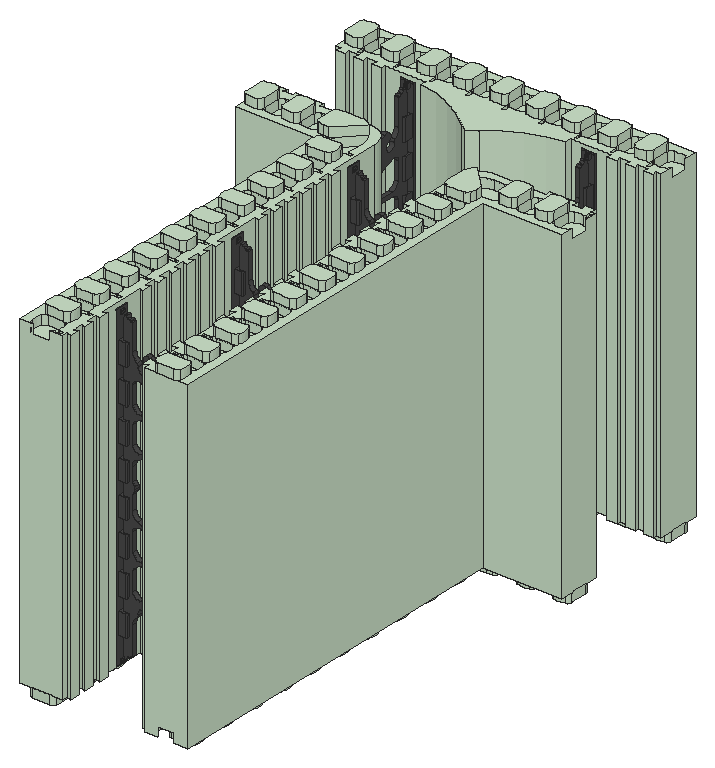
Revit family (continued)
Definition of nested family "NUDURA Diamond Pattern Missing Two Lines"
  Lines and regions (in)
    model lines
      curve 18: line (4.634, -5.625, 16.01517) -> (4.29059, -5.625, 16.35858)
      curve 19: arc (4.634, -5.625, 15.48484) -> (4.74384, -5.625, 15.75) -> (4.634, -5.625, 16.01517) r 0.375
      curve 20: line (4.29059, -5.625, 15.14142) -> (4.634, -5.625, 15.48484)
      curve 21: line (3.35367, -5.625, 15.48484) -> (3.69709, -5.625, 15.14142)
      curve 22: arc (3.35367, -5.625, 16.01517) -> (3.24384, -5.625, 15.75) -> (3.35367, -5.625, 15.48484) r 0.375
      curve 23: line (3.69709, -5.625, 16.35858) -> (3.35367, -5.625, 16.01517)
      curve 24: arc (4.17062, -5.625, 16.30178) -> (3.99384, -5.625, 16.375) -> (3.81706, -5.625, 16.30178) r 0.25
      curve 25: line (3.81706, -5.625, 16.30178) -> (3.44206, -5.625, 15.92678)
      curve 26: arc (3.44206, -5.625, 15.92678) -> (3.36884, -5.625, 15.75) -> (3.44206, -5.625, 15.57322) r 0.25
      curve 27: line (3.44206, -5.625, 15.57322) -> (3.81706, -5.625, 15.19822)
      curve 28: arc (3.81706, -5.625, 15.19822) -> (3.99384, -5.625, 15.125) -> (4.17062, -5.625, 15.19822) r 0.25
      curve 29: line (4.17062, -5.625, 15.19822) -> (4.54562, -5.625, 15.57322)
      curve 30: arc (4.54562, -5.625, 15.57322) -> (4.61884, -5.625, 15.75) -> (4.54562, -5.625, 15.92678) r 0.25
      curve 31: line (4.54562, -5.625, 15.92678) -> (4.17062, -5.625, 16.30178)
      curve 32: arc (3.69709, -5.625, 14.85858) -> (3.75567, -5.625, 15) -> (3.69709, -5.625, 15.14142) r 0.2
      curve 33: line (4.634, -5.625, 14.51517) -> (4.29059, -5.625, 14.85858)
      curve 34: arc (4.634, -5.625, 13.98484) -> (4.74384, -5.625, 14.25) -> (4.634, -5.625, 14.51517) r 0.375
      curve 35: line (4.29059, -5.625, 13.64142) -> (4.634, -5.625, 13.98484)
      curve 36: line (3.35367, -5.625, 13.98484) -> (3.69709, -5.625, 13.64142)
      curve 37: arc (3.35367, -5.625, 14.51517) -> (3.24384, -5.625, 14.25) -> (3.35367, -5.625, 13.98484) r 0.375
      curve 38: line (3.69709, -5.625, 14.85858) -> (3.35367, -5.625, 14.51517)
      curve 39: arc (4.17062, -5.625, 14.80178) -> (3.99384, -5.625, 14.875) -> (3.81706, -5.625, 14.80178) r 0.25
      curve 40: line (3.81706, -5.625, 14.80178) -> (3.44206, -5.625, 14.42678)
      curve 41: arc (3.44206, -5.625, 14.42678) -> (3.36884, -5.625, 14.25) -> (3.44206, -5.625, 14.07322) r 0.25
      curve 42: line (3.44206, -5.625, 14.07322) -> (3.81706, -5.625, 13.69822)
      curve 43: arc (3.81706, -5.625, 13.69822) -> (3.99384, -5.625, 13.625) -> (4.17062, -5.625, 13.69822) r 0.25
      curve 44: line (4.17062, -5.625, 13.69822) -> (4.54562, -5.625, 14.07322)
      curve 45: arc (4.54562, -5.625, 14.07322) -> (4.61884, -5.625, 14.25) -> (4.54562, -5.625, 14.42678) r 0.25
      curve 46: line (4.54562, -5.625, 14.42678) -> (4.17062, -5.625, 14.80178)
      curve 47: arc (3.69709, -5.625, 13.35858) -> (3.75567, -5.625, 13.5) -> (3.69709, -5.625, 13.64142) r 0.2
      curve 48: line (4.634, -5.625, 13.01517) -> (4.29059, -5.625, 13.35858)
      curve 49: arc (4.634, -5.625, 12.48484) -> (4.74384, -5.625, 12.75) -> (4.634, -5.625, 13.01517) r 0.375
      curve 50: line (4.29059, -5.625, 12.14142) -> (4.634, -5.625, 12.48484)
      curve 51: line (3.35367, -5.625, 12.48484) -> (3.69709, -5.625, 12.14142)
      curve 52: arc (3.35367, -5.625, 13.01517) -> (3.24384, -5.625, 12.75) -> (3.35367, -5.625, 12.48484) r 0.375
      curve 53: line (3.69709, -5.625, 13.35858) -> (3.35367, -5.625, 13.01517)
      curve 54: arc (4.17062, -5.625, 13.30178) -> (3.99384, -5.625, 13.375) -> (3.81706, -5.625, 13.30178) r 0.25
      curve 55: line (3.81706, -5.625, 13.30178) -> (3.44206, -5.625, 12.92678)
      curve 56: arc (3.44206, -5.625, 12.92678) -> (3.36884, -5.625, 12.75) -> (3.44206, -5.625, 12.57322) r 0.25
      curve 57: line (3.44206, -5.625, 12.57322) -> (3.81706, -5.625, 12.19822)
      curve 58: arc (3.81706, -5.625, 12.19822) -> (3.99384, -5.625, 12.125) -> (4.17062, -5.625, 12.19822) r 0.25
      curve 59: line (4.17062, -5.625, 12.19822) -> (4.54562, -5.625, 12.57322)
      curve 60: arc (4.54562, -5.625, 12.57322) -> (4.61884, -5.625, 12.75) -> (4.54562, -5.625, 12.92678) r 0.25
      curve 61: line (4.54562, -5.625, 12.92678) -> (4.17062, -5.625, 13.30178)
      curve 62: arc (3.69709, -5.625, 11.85858) -> (3.75567, -5.625, 12) -> (3.69709, -5.625, 12.14142) r 0.2
      curve 63: line (4.634, -5.625, 11.51517) -> (4.29059, -5.625, 11.85858)
      curve 64: arc (4.634, -5.625, 10.98484) -> (4.74384, -5.625, 11.25) -> (4.634, -5.625, 11.51517) r 0.375
      curve 65: line (4.29059, -5.625, 10.64142) -> (4.634, -5.625, 10.98484)
      curve 66: line (3.35367, -5.625, 10.98484) -> (3.69709, -5.625, 10.64142)
      curve 67: arc (3.35367, -5.625, 11.51517) -> (3.24384, -5.625, 11.25) -> (3.35367, -5.625, 10.98484) r 0.375
      curve 68: line (3.69709, -5.625, 11.85858) -> (3.35367, -5.625, 11.51517)
      curve 69: arc (4.17062, -5.625, 11.80178) -> (3.99384, -5.625, 11.875) -> (3.81706, -5.625, 11.80178) r 0.25
      curve 70: line (3.81706, -5.625, 11.80178) -> (3.44206, -5.625, 11.42678)
      curve 71: arc (3.44206, -5.625, 11.42678) -> (3.36884, -5.625, 11.25) -> (3.44206, -5.625, 11.07322) r 0.25
      curve 72: line (3.44206, -5.625, 11.07322) -> (3.81706, -5.625, 10.69822)
      curve 73: arc (3.81706, -5.625, 10.69822) -> (3.99384, -5.625, 10.625) -> (4.17062, -5.625, 10.69822) r 0.25
      curve 74: line (4.17062, -5.625, 10.69822) -> (4.54562, -5.625, 11.07322)
      curve 75: arc (4.54562, -5.625, 11.07322) -> (4.61884, -5.625, 11.25) -> (4.54562, -5.625, 11.42678) r 0.25
      curve 76: line (4.54562, -5.625, 11.42678) -> (4.17062, -5.625, 11.80178)
      curve 77: arc (3.69709, -5.625, 10.35858) -> (3.75567, -5.625, 10.5) -> (3.69709, -5.625, 10.64142) r 0.2
      curve 78: line (4.634, -5.625, 10.01517) -> (4.29059, -5.625, 10.35858)
      curve 79: arc (4.634, -5.625, 9.48484) -> (4.74384, -5.625, 9.75) -> (4.634, -5.625, 10.01517) r 0.375
      curve 80: line (4.29059, -5.625, 9.14142) -> (4.634, -5.625, 9.48484)
      curve 81: line (3.35367, -5.625, 9.48484) -> (3.69709, -5.625, 9.14142)
      curve 82: arc (3.35367, -5.625, 10.01517) -> (3.24384, -5.625, 9.75) -> (3.35367, -5.625, 9.48484) r 0.375
      curve 83: line (3.69709, -5.625, 10.35858) -> (3.35367, -5.625, 10.01517)
      curve 84: arc (4.17062, -5.625, 10.30178) -> (3.99384, -5.625, 10.375) -> (3.81706, -5.625, 10.30178) r 0.25
      curve 85: line (3.81706, -5.625, 10.30178) -> (3.44206, -5.625, 9.92678)
      curve 86: arc (3.44206, -5.625, 9.92678) -> (3.36884, -5.625, 9.75) -> (3.44206, -5.625, 9.57322) r 0.25
      curve 87: line (3.44206, -5.625, 9.57322) -> (3.81706, -5.625, 9.19822)
      curve 88: arc (3.81706, -5.625, 9.19822) -> (3.99384, -5.625, 9.125) -> (4.17062, -5.625, 9.19822) r 0.25
      curve 89: line (4.17062, -5.625, 9.19822) -> (4.54562, -5.625, 9.57322)
      curve 90: arc (4.54562, -5.625, 9.57322) -> (4.61884, -5.625, 9.75) -> (4.54562, -5.625, 9.92678) r 0.25
      curve 91: line (4.54562, -5.625, 9.92678) -> (4.17062, -5.625, 10.30178)
      curve 92: arc (3.69709, -5.625, 8.85858) -> (3.75567, -5.625, 9) -> (3.69709, -5.625, 9.14142) r 0.2
      curve 93: line (4.634, -5.625, 8.51517) -> (4.29059, -5.625, 8.85858)
      curve 94: arc (4.634, -5.625, 7.98484) -> (4.74384, -5.625, 8.25) -> (4.634, -5.625, 8.51517) r 0.375
      curve 95: line (4.29059, -5.625, 7.64142) -> (4.634, -5.625, 7.98484)
      curve 96: line (3.35367, -5.625, 7.98484) -> (3.69709, -5.625, 7.64142)
      curve 97: arc (3.35367, -5.625, 8.51517) -> (3.24384, -5.625, 8.25) -> (3.35367, -5.625, 7.98484) r 0.375
      curve 98: line (3.69709, -5.625, 8.85858) -> (3.35367, -5.625, 8.51517)
      curve 99: arc (4.17062, -5.625, 8.80178) -> (3.99384, -5.625, 8.875) -> (3.81706, -5.625, 8.80178) r 0.25
      curve 100: line (3.81706, -5.625, 8.80178) -> (3.44206, -5.625, 8.42678)
      curve 101: arc (3.44206, -5.625, 8.42678) -> (3.36884, -5.625, 8.25) -> (3.44206, -5.625, 8.07322) r 0.25
      curve 102: line (3.44206, -5.625, 8.07322) -> (3.81706, -5.625, 7.69822)
      curve 103: arc (3.81706, -5.625, 7.69822) -> (3.99384, -5.625, 7.625) -> (4.17062, -5.625, 7.69822) r 0.25
      curve 104: line (4.17062, -5.625, 7.69822) -> (4.54562, -5.625, 8.07322)
      curve 105: arc (4.54562, -5.625, 8.07322) -> (4.61884, -5.625, 8.25) -> (4.54562, -5.625, 8.42678) r 0.25
      curve 106: line (4.54562, -5.625, 8.42678) -> (4.17062, -5.625, 8.80178)
      curve 107: arc (3.69709, -5.625, 7.35858) -> (3.75567, -5.625, 7.5) -> (3.69709, -5.625, 7.64142) r 0.2
      curve 108: line (4.634, -5.625, 7.01517) -> (4.29059, -5.625, 7.35858)
      curve 109: arc (4.634, -5.625, 6.48484) -> (4.74384, -5.625, 6.75) -> (4.634, -5.625, 7.01517) r 0.375
      curve 110: line (4.29059, -5.625, 6.14142) -> (4.634, -5.625, 6.48484)
      curve 111: line (3.35367, -5.625, 6.48484) -> (3.69709, -5.625, 6.14142)
      curve 112: arc (3.35367, -5.625, 7.01517) -> (3.24384, -5.625, 6.75) -> (3.35367, -5.625, 6.48484) r 0.375
      curve 113: line (3.69709, -5.625, 7.35858) -> (3.35367, -5.625, 7.01517)
      curve 114: arc (4.17062, -5.625, 7.30178) -> (3.99384, -5.625, 7.375) -> (3.81706, -5.625, 7.30178) r 0.25
      curve 115: line (3.81706, -5.625, 7.30178) -> (3.44206, -5.625, 6.92678)
      curve 116: arc (3.44206, -5.625, 6.92678) -> (3.36884, -5.625, 6.75) -> (3.44206, -5.625, 6.57322) r 0.25
      curve 117: line (3.44206, -5.625, 6.57322) -> (3.81706, -5.625, 6.19822)
      curve 118: arc (3.81706, -5.625, 6.19822) -> (3.99384, -5.625, 6.125) -> (4.17062, -5.625, 6.19822) r 0.25
      curve 119: line (4.17062, -5.625, 6.19822) -> (4.54562, -5.625, 6.57322)
      curve 120: arc (4.54562, -5.625, 6.57322) -> (4.61884, -5.625, 6.75) -> (4.54562, -5.625, 6.92678) r 0.25
      curve 121: line (4.54562, -5.625, 6.92678) -> (4.17062, -5.625, 7.30178)
      curve 122: arc (3.69709, -5.625, 5.85858) -> (3.75567, -5.625, 6) -> (3.69709, -5.625, 6.14142) r 0.2
      curve 123: line (4.634, -5.625, 5.51517) -> (4.29059, -5.625, 5.85858)
      curve 124: arc (4.634, -5.625, 4.98484) -> (4.74384, -5.625, 5.25) -> (4.634, -5.625, 5.51517) r 0.375
      curve 125: line (4.29059, -5.625, 4.64142) -> (4.634, -5.625, 4.98484)
      curve 126: line (3.35367, -5.625, 4.98484) -> (3.69709, -5.625, 4.64142)
      curve 127: arc (3.35367, -5.625, 5.51517) -> (3.24384, -5.625, 5.25) -> (3.35367, -5.625, 4.98484) r 0.375
      curve 128: line (3.69709, -5.625, 5.85858) -> (3.35367, -5.625, 5.51517)
      curve 129: arc (4.17062, -5.625, 5.80178) -> (3.99384, -5.625, 5.875) -> (3.81706, -5.625, 5.80178) r 0.25
      curve 130: line (3.81706, -5.625, 5.80178) -> (3.44206, -5.625, 5.42678)
      curve 131: arc (3.44206, -5.625, 5.42678) -> (3.36884, -5.625, 5.25) -> (3.44206, -5.625, 5.07322) r 0.25
      curve 132: line (3.44206, -5.625, 5.07322) -> (3.81706, -5.625, 4.69822)
      curve 133: arc (3.81706, -5.625, 4.69822) -> (3.99384, -5.625, 4.625) -> (4.17062, -5.625, 4.69822) r 0.25
      curve 134: line (4.17062, -5.625, 4.69822) -> (4.54562, -5.625, 5.07322)
      curve 135: arc (4.54562, -5.625, 5.07322) -> (4.61884, -5.625, 5.25) -> (4.54562, -5.625, 5.42678) r 0.25
      curve 136: line (4.54562, -5.625, 5.42678) -> (4.17062, -5.625, 5.80178)
      curve 137: arc (3.69709, -5.625, 4.35858) -> (3.75567, -5.625, 4.5) -> (3.69709, -5.625, 4.64142) r 0.2
      curve 138: line (4.634, -5.625, 4.01517) -> (4.29059, -5.625, 4.35858)
      curve 139: arc (4.634, -5.625, 3.48484) -> (4.74384, -5.625, 3.75) -> (4.634, -5.625, 4.01517) r 0.375
      curve 140: line (4.29059, -5.625, 3.14142) -> (4.634, -5.625, 3.48484)
      curve 141: line (3.35367, -5.625, 3.48484) -> (3.69709, -5.625, 3.14142)
      curve 142: arc (3.35367, -5.625, 4.01517) -> (3.24384, -5.625, 3.75) -> (3.35367, -5.625, 3.48484) r 0.375
      curve 143: line (3.69709, -5.625, 4.35858) -> (3.35367, -5.625, 4.01517)
      curve 144: arc (4.17062, -5.625, 4.30178) -> (3.99384, -5.625, 4.375) -> (3.81706, -5.625, 4.30178) r 0.25
      curve 145: line (3.81706, -5.625, 4.30178) -> (3.44206, -5.625, 3.92678)
      curve 146: arc (3.44206, -5.625, 3.92678) -> (3.36884, -5.625, 3.75) -> (3.44206, -5.625, 3.57322) r 0.25
      curve 147: line (3.44206, -5.625, 3.57322) -> (3.81706, -5.625, 3.19822)
      curve 148: arc (3.81706, -5.625, 3.19822) -> (3.99384, -5.625, 3.125) -> (4.17062, -5.625, 3.19822) r 0.25
      curve 149: line (4.17062, -5.625, 3.19822) -> (4.54562, -5.625, 3.57322)
      curve 150: arc (4.54562, -5.625, 3.57322) -> (4.61884, -5.625, 3.75) -> (4.54562, -5.625, 3.92678) r 0.25
      curve 151: line (4.54562, -5.625, 3.92678) -> (4.17062, -5.625, 4.30178)
      curve 152: arc (3.69709, -5.625, 2.85858) -> (3.75567, -5.625, 3) -> (3.69709, -5.625, 3.14142) r 0.2
      curve 153: line (4.634, -5.625, 2.51517) -> (4.29059, -5.625, 2.85858)
      curve 154: arc (4.634, -5.625, 1.98484) -> (4.74384, -5.625, 2.25) -> (4.634, -5.625, 2.51517) r 0.375
      curve 155: line (4.29059, -5.625, 1.64142) -> (4.634, -5.625, 1.98484)
      curve 156: line (3.35367, -5.625, 1.98484) -> (3.69709, -5.625, 1.64142)
      curve 157: arc (3.35367, -5.625, 2.51517) -> (3.24384, -5.625, 2.25) -> (3.35367, -5.625, 1.98484) r 0.375
      curve 158: line (3.69709, -5.625, 2.85858) -> (3.35367, -5.625, 2.51517)
      curve 159: arc (4.17062, -5.625, 2.80178) -> (3.99384, -5.625, 2.875) -> (3.81706, -5.625, 2.80178) r 0.25
      curve 160: line (3.81706, -5.625, 2.80178) -> (3.44206, -5.625, 2.42678)
      curve 161: arc (3.44206, -5.625, 2.42678) -> (3.36884, -5.625, 2.25) -> (3.44206, -5.625, 2.07322) r 0.25
      curve 162: line (3.44206, -5.625, 2.07322) -> (3.81706, -5.625, 1.69822)
      curve 163: arc (3.81706, -5.625, 1.69822) -> (3.99384, -5.625, 1.625) -> (4.17062, -5.625, 1.69822) r 0.25
      curve 164: line (4.17062, -5.625, 1.69822) -> (4.54562, -5.625, 2.07322)
      curve 165: arc (4.54562, -5.625, 2.07322) -> (4.61884, -5.625, 2.25) -> (4.54562, -5.625, 2.42678) r 0.25
      curve 166: line (4.54562, -5.625, 2.42678) -> (4.17062, -5.625, 2.80178)
      curve 167: arc (3.69709, -5.625, 1.35858) -> (3.75567, -5.625, 1.5) -> (3.69709, -5.625, 1.64142) r 0.2
      curve 168: line (3.69709, -5.625, 1.35858) -> (3.35367, -5.625, 1.01517)
      curve 169: arc (3.35367, -5.625, 1.01517) -> (3.24384, -5.625, 0.75) -> (3.35367, -5.625, 0.48484) r 0.375
      curve 170: line (3.35367, -5.625, 0.48484) -> (3.72867, -5.625, 0.10984)
      curve 171: arc (3.72867, -5.625, 0.10984) -> (3.99384, -5.625, 0) -> (4.259, -5.625, 0.10984) r 0.375
      curve 172: line (4.259, -5.625, 0.10984) -> (4.634, -5.625, 0.48484)
      curve 173: arc (4.634, -5.625, 0.48484) -> (4.74384, -5.625, 0.75) -> (4.634, -5.625, 1.01517) r 0.375
      curve 174: line (4.634, -5.625, 1.01517) -> (4.29059, -5.625, 1.35858)
      curve 175: arc (4.29059, -5.625, 1.64142) -> (4.23201, -5.625, 1.5) -> (4.29059, -5.625, 1.35858) r 0.2
      curve 176: arc (4.17062, -5.625, 1.30178) -> (3.99384, -5.625, 1.375) -> (3.81706, -5.625, 1.30178) r 0.25
      curve 177: line (4.54562, -5.625, 0.92678) -> (4.17062, -5.625, 1.30178)
      curve 178: arc (4.54562, -5.625, 0.57322) -> (4.61884, -5.625, 0.75) -> (4.54562, -5.625, 0.92678) r 0.25
      curve 179: line (4.17062, -5.625, 0.19822) -> (4.54562, -5.625, 0.57322)
      curve 180: arc (3.81706, -5.625, 0.19822) -> (3.99384, -5.625, 0.125) -> (4.17062, -5.625, 0.19822) r 0.25
      curve 181: line (3.44206, -5.625, 0.57322) -> (3.81706, -5.625, 0.19822)
      curve 182: arc (3.44206, -5.625, 0.92678) -> (3.36884, -5.625, 0.75) -> (3.44206, -5.625, 0.57322) r 0.25
      curve 183: line (3.81706, -5.625, 1.30178) -> (3.44206, -5.625, 0.92678)
      curve 184: arc (4.29059, -5.625, 3.14142) -> (4.23201, -5.625, 3) -> (4.29059, -5.625, 2.85858) r 0.2
      curve 185: arc (4.29059, -5.625, 4.64142) -> (4.23201, -5.625, 4.5) -> (4.29059, -5.625, 4.35858) r 0.2
      curve 186: arc (4.29059, -5.625, 6.14142) -> (4.23201, -5.625, 6) -> (4.29059, -5.625, 5.85858) r 0.2
      curve 187: arc (4.29059, -5.625, 7.64142) -> (4.23201, -5.625, 7.5) -> (4.29059, -5.625, 7.35858) r 0.2
      curve 188: arc (4.29059, -5.625, 9.14142) -> (4.23201, -5.625, 9) -> (4.29059, -5.625, 8.85858) r 0.2
      curve 189: arc (4.29059, -5.625, 10.64142) -> (4.23201, -5.625, 10.5) -> (4.29059, -5.625, 10.35858) r 0.2
      curve 190: arc (4.29059, -5.625, 12.14142) -> (4.23201, -5.625, 12) -> (4.29059, -5.625, 11.85858) r 0.2
      curve 191: arc (4.29059, -5.625, 13.64142) -> (4.23201, -5.625, 13.5) -> (4.29059, -5.625, 13.35858) r 0.2
      curve 192: arc (4.29059, -5.625, 15.14142) -> (4.23201, -5.625, 15) -> (4.29059, -5.625, 14.85858) r 0.2
      curve 193: arc (4.29059, -5.625, 16.64142) -> (4.23201, -5.625, 16.5) -> (4.29059, -5.625, 16.35858) r 0.2
